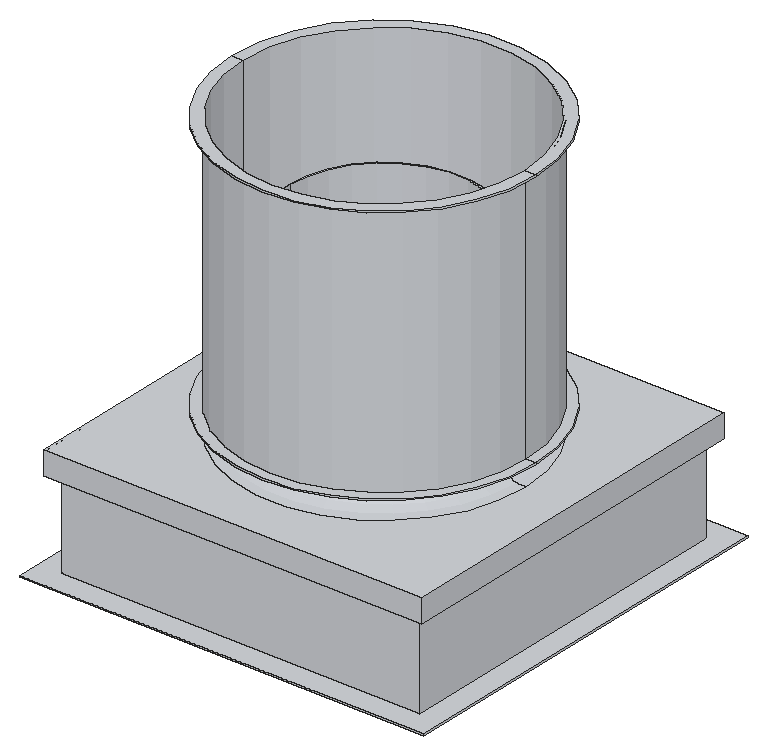
Revit family "LSUG", category Mechanical Equipment, Revit 2019
Family settings
  Round Connector Dimension = Use Diameter
  Part Type = Normal
  Work Plane-Based = No
  Always vertical = Yes
  Cut with Voids When Loaded = No
  Shared = No
  Room Calculation Point = No
Parameters (values of type "20_LSUG")
  Unit Weight [instance] = ""
  Sones [instance] = ""
  RO/2 = RO / 2  # 1' - 1 3/4"
  ModelID [instance] = ""
  LwA [instance] = ""
  RO = T_SQ - 0' 4 1/2"  # 2' - 3 1/2"
  T_SQ/2 = T_SQ / 2  # 1' - 4"
  T_SQ = 2' - 8"
  D-.125" = D - 0' 0 1/8"  # 0' - 1 7/8"
  D = 0' - 2"
  CURB_HEIGHT [instance] = 0' - 9 1/2"
  CURB [instance] = yes
  C/2 = C / 2  # 0' - 11 1/16"
  B-C = B - C  # 0' - 2"
  C = B - 0' 2"  # 1' - 10 1/8"
  B/2 = B / 2  # 1' - 0 1/16"
  B = 2' - 0 1/8"
  Accessories [instance] = ""
  A/2 = A / 2  # 1' - 0 1/8"
  A = 2' - 0 1/4"
  4" = 0' - 4"  # constant formula
  2' = 2' - 0"
  2" = 0' - 2"  # constant formula
  1' = 1' - 0"  # constant formula
  1" = 0' - 1"  # constant formula
  0 = 0' - 0"  # constant formula
  URL = "www.lorencook.com"
  Type Comments = "Low Silhoutte Upblast Roof Gravity Unit"  # constant formula
  Static Pressure [instance] = 0.00 in-wg
  Model = "LSUG"  # constant formula
  Manufacturer = "Loren Cook Company"
  CFM [instance] = 0 CFM
  1.5 = 0' - 1 1/2"  # constant formula
  ONE EIGTH = 0' - 0 1/8"  # constant formula
  -(C/2) = -(C / 2)  # -0' - 11 1/16"
  -(A/2) = -(A / 2)  # -1' - 0 1/8"
  (T_SQ/2)+.125" = (T_SQ / 2) + 0' 0 1/8"  # 1' - 4 1/8"
  (A/2)-4.125" = (A / 2) - 0' 4 1/8"  # 0' - 8"
  (A/2)-4" = (A / 2) - 0' 4"  # 0' - 8 1/8"
Types (9): name | RO/2 | RO | T_SQ/2 | T_SQ | D-.125" | D | C/2 | C | B/2 | B | A/2 | A | -(C/2) | -(A/2) | (T_SQ/2)+.125" | (A/2)-4.125" | (A/2)-4"
  (no name) | 1' - 1 3/4" | 2' - 3 1/2" | 1' - 4" | 2' - 8" | 0' - 1 7/8" | 0' - 2" | 0' - 11 1/16" | 1' - 10 1/8" | 1' - 0 1/16" | 2' - 0 1/8" | 1' - 0 1/8" | 2' - 0 1/4" | -0' - 11 1/16" | -1' - 0 1/8" | 1' - 4 1/8" | 0' - 8" | 0' - 8 1/8"
  20_LSUG | 1' - 1 3/4" | 2' - 3 1/2" | 1' - 4" | 2' - 8" | 0' - 1 7/8" | 0' - 2" | 0' - 11 1/16" | 1' - 10 1/8" | 1' - 0 1/16" | 2' - 0 1/8" | 1' - 0 1/8" | 2' - 0 1/4" | -0' - 11 1/16" | -1' - 0 1/8" | 1' - 4 1/8" | 0' - 8" | 0' - 8 1/8"
  24_LSUG | 1' - 3 3/4" | 2' - 7 1/2" | 1' - 6" | 3' - 0" | 0' - 2 7/8" | 0' - 3" | 1' - 1" | 2' - 2" | 1' - 2" | 2' - 4" | 1' - 3 5/8" | 2' - 7 1/4" | -1' - 1" | -1' - 3 5/8" | 1' - 6 1/8" | 0' - 11 1/2" | 0' - 11 5/8"
  30_LSUG | 1' - 6 3/4" | 3' - 1 1/2" | 1' - 9" | 3' - 6" | 0' - 2 7/8" | 0' - 3" | 1' - 4" | 2' - 8" | 1' - 5" | 2' - 10" | 1' - 6 5/8" | 3' - 1 1/4" | -1' - 4" | -1' - 6 5/8" | 1' - 9 1/8" | 1' - 2 1/2" | 1' - 2 5/8"
  36_LSUG | 1' - 9 3/4" | 3' - 7 1/2" | 2' - 0" | 4' - 0" | 0' - 2 7/8" | 0' - 3" | 1' - 6" | 3' - 0" | 1' - 7" | 3' - 2" | 1' - 9 5/8" | 3' - 7 1/4" | -1' - 6" | -1' - 9 5/8" | 2' - 0 1/8" | 1' - 5 1/2" | 1' - 5 5/8"
  42_LSUG | 2' - 0 3/4" | 4' - 1 1/2" | 2' - 3" | 4' - 6" | 0' - 2 7/8" | 0' - 3" | 1' - 9 1/2" | 3' - 7" | 1' - 10 1/2" | 3' - 9" | 2' - 0 5/8" | 4' - 1 1/4" | -1' - 9 1/2" | -2' - 0 5/8" | 2' - 3 1/8" | 1' - 8 1/2" | 1' - 8 5/8"
  48_LSUG | 2' - 3 3/4" | 4' - 7 1/2" | 2' - 6" | 5' - 0" | 0' - 2 7/8" | 0' - 3" | 2' - 0" | 4' - 0" | 2' - 1" | 4' - 2" | 2' - 3 5/8" | 4' - 7 1/4" | -2' - 0" | -2' - 3 5/8" | 2' - 6 1/8" | 1' - 11 1/2" | 1' - 11 5/8"
  54_LSUG | 2' - 6 3/4" | 5' - 1 1/2" | 2' - 9" | 5' - 6" | 0' - 2 7/8" | 0' - 3" | 1' - 10" | 3' - 8" | 1' - 11" | 3' - 10" | 2' - 6 5/8" | 5' - 1 1/4" | -1' - 10" | -2' - 6 5/8" | 2' - 9 1/8" | 2' - 2 1/2" | 2' - 2 5/8"
  60_LSUG | 2' - 9 3/4" | 5' - 7 1/2" | 3' - 0" | 6' - 0" | 0' - 2 7/8" | 0' - 3" | 2' - 0 1/2" | 4' - 1" | 2' - 1 1/2" | 4' - 3" | 2' - 9 5/8" | 5' - 7 1/4" | -2' - 0 1/2" | -2' - 9 5/8" | 3' - 0 1/8" | 2' - 5 1/2" | 2' - 5 5/8"
Reference planes (in)
  plane 1 "Center (Front/Back)": y = 0
  plane 2: z = 0
  plane 3 "Center (Left/Right)": x = 0.40541
Forms (in)
  Extrusion 1, solid
    sketch origin (0, 0, 0) x (1, 0, 0) y (0, 1, 0)
      loop
        line (-15.71959, 16.125) -> (-15.71959, -16.125) -> (16.53041, -16.125) -> (16.53041, 16.125) -> (-15.71959, 16.125)
    from 0 to 2 <- "D"
  Extrusion 2, void
    sketch origin (0, 0, 0) x (1, 0, 0) y (0, 1, 0)
      loop
        line (-15.59459, 16) -> (-15.59459, -16) -> (16.40541, -16) -> (16.40541, 16) -> (-15.59459, 16)
    from 0 to 1.875 <- "D-.125""
  Revolve 3, solid
    sketch origin (0, 0, 0) x (1, 0, 0) y (0, 0, 1)
      loop
        line (0.40541, 2) -> (12.53041, 2)
        arc (12.53041, 2) -> (9.70199, 3.17157) -> (8.53041, 6) r 4
        line (8.53041, 6) -> (0.40541, 6) -> (0.40541, 2)
      axis (0.40541, 6) -> (0.40541, 2)
    angle from 0 to 360
  Revolve 4, solid
    sketch origin (0, 0, 0) x (1, 0, 0) y (0, 0, 1)
      loop
        line (0.40541, 6) -> (8.53041, 6) -> (8.53041, 18) -> (0.40541, 18) -> (0.40541, 6)
      axis (0.40541, 6) -> (0.40541, 18)
    angle from 0 to 360
  Revolve 5, solid
    sketch origin (0, 0, 0) x (1, 0, 0) y (0, 0, 1)
      loop
        line (13.40541, 4) -> (13.40541, 4.125) -> (12.53041, 4.125) -> (12.53041, 26) -> (13.40541, 26) -> (13.40541, 26.125) -> (12.40541, 26.125) -> (12.40541, 4) -> (13.40541, 4)
      axis (0.40541, 4) -> (0.40541, 26.125)
    angle from 0 to 360
  Extrusion 6, void
    sketch origin (0, 0, 0) x (1, 0, 0) y (0, 1, 0)
      loop
        circle (0.40541, 0) r 8
    from 0 to 22.125 <- "C"
  Extrusion 7, solid, visible <- "CURB"
    sketch origin (0, 0, 1.875) x (0, 1, 0) y (1, 0, 0)
      loop
        line (-13.75, -13.34459) -> (13.75, -13.34459) -> (13.75, 14.15541) -> (-13.75, 14.15541) -> (-13.75, -13.34459)
      loop
        line (15.25, 15.65541) -> (-15.25, 15.65541) -> (-15.25, -14.84459) -> (15.25, -14.84459) -> (15.25, 15.65541)
    from 0 to 9.5 <- "CURB_HEIGHT"
  Extrusion 8, solid, visible <- "CURB"
    sketch origin (0, 0, -7.625) x (-1, 0, 0) y (0, 1, 0)
      loop
        line (14.84459, -15.25) -> (14.84459, 15.25) -> (-15.65541, 15.25) -> (-15.65541, -15.25) -> (14.84459, -15.25)
      loop
        line (-17.65541, 17.25) -> (-17.65541, -17.25) -> (16.84459, -17.25) -> (16.84459, 17.25) -> (-17.65541, 17.25)
    from 0 to -0.125
Cuts and joins
  Extrusion 2, Extrusion 6 cuts Extrusion 1
  Extrusion 6 cuts Revolve 3
  Extrusion 6 cuts Revolve 4
  Extrusion 6 cuts Revolve 5
Dimensions and locks (in)
  "(T_SQ/2)+.125"": plane 1 "Center (Front/Back)" to Extrusion 1 sketch curve
  "(T_SQ/2)+.125"": Extrusion 1 sketch curve to plane 1 "Center (Front/Back)"
  "(T_SQ/2)+.125"": Extrusion 1 sketch curve to plane 3 "Center (Left/Right)"
  "(T_SQ/2)+.125"": plane 3 "Center (Left/Right)" to Extrusion 1 sketch curve
  "T_SQ/2": Extrusion 2 sketch curve to plane 3 "Center (Left/Right)"
  "T_SQ/2": plane 3 "Center (Left/Right)" to Extrusion 2 sketch curve
  "T_SQ/2": plane 1 "Center (Front/Back)" to Extrusion 2 sketch curve
  "T_SQ/2": Extrusion 2 sketch curve to plane 1 "Center (Front/Back)"
  "0": Revolve 3 sketch curve to plane 3 "Center (Left/Right)"  (x2)
  "0": Revolve 3 sketch curve to cut or joined group of Extrusion 1, Extrusion 2, Extrusion 6
  "4"": Revolve 3 sketch curve to cut or joined group of Extrusion 1, Extrusion 2, Extrusion 6
  "(A/2)-4"": Revolve 3 sketch curve to plane 3 "Center (Left/Right)"
  "0": Revolve 3 sketch curve to Revolve 3 sketch curve
  "0": Revolve 4 sketch curve to plane 3 "Center (Left/Right)"  (x2)
  "(A/2)-4"": Revolve 4 sketch curve to plane 3 "Center (Left/Right)"
  "0": Revolve 4 sketch curve to Revolve 3
  "1'": Revolve 4 sketch curve to Revolve 3
  "A/2": plane 3 "Center (Left/Right)" to Revolve 5 sketch curve
  "0": Revolve 5 sketch curve to plane 3 "Center (Left/Right)"
  "B-C": Revolve 5 sketch curve to cut or joined group of Extrusion 1, Extrusion 2, Extrusion 6
  "C": Revolve 5 sketch curve to Revolve 5 sketch curve
  "ONE EIGTH": Revolve 5 sketch curve to Revolve 5 sketch curve  (x3)
  "1"": Revolve 5 sketch curve to Revolve 5 sketch curve  (x2)
  "0": Extrusion 6 sketch curve to plane 3 "Center (Left/Right)"
  "0": Extrusion 6 sketch curve to plane 1 "Center (Front/Back)"
  "1.5": Extrusion 7 sketch curve to Extrusion 7 sketch curve  (x4)
  "RO/2": Extrusion 7 sketch curve to plane 3 "Center (Left/Right)"
  "RO/2": plane 3 "Center (Left/Right)" to Extrusion 7 sketch curve
  "RO/2": Extrusion 7 sketch curve to plane 1 "Center (Front/Back)"  (x2)
  "2"": Extrusion 8 sketch curve to Extrusion 8 sketch curve  (x4)
  "0": Extrusion 8 sketch curve to Extrusion 7  (x3)
  "0": Extrusion 7 to Extrusion 8 sketch curve
  "(A/2)-4.125"": radius of Extrusion 6 sketch curve
Automatic sketch dimensions
  Revolve 3 sketch curve to level = 0' - 10"
  Revolve 3 sketch curve to Revolve 3 sketch curve = 0' - 1"
  Revolve 4 sketch curve to Revolve 4 sketch curve = 0' - 0"
  Revolve 4 sketch curve to Revolve 4 sketch curve = 2' - 0"
  level to Revolve 5 sketch curve = 3' - 0.63042"
  Revolve 5 sketch curve to Revolve 5 sketch curve = 1' - 5"
Connectors (in)
  hvac at (0.40541, 0, 2), driven by "CFM", driven by "RO", driven by "RO"
    settings: on cut or joined group of Extrusion 1, Extrusion 2, Extrusion 6, index 1, duct flow 0 CFM, flow factor 0, pres drop 0.00 in-wg, loss coef 0, conn angle 0.00°, conn width 27 1/2", conn height 27 1/2", conn diameter 24", duct sys type 3, conn prof type 1, flow config 0, flow direction 1, loss method 0, conn ref index -1, conn util no, is conn primary yes, conn desc ""
